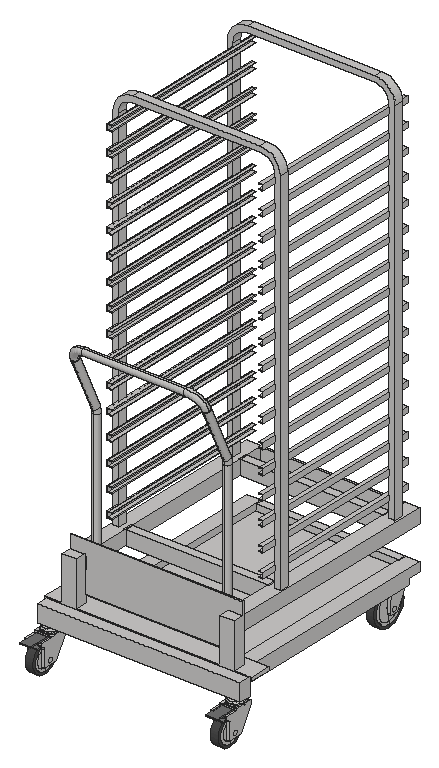
Revit family "QF_ELECTROLUXPROFESSIONAL_922758_TRRA162180C", category Specialty Equipment, Revit 2018
Family settings
  Round Connector Dimension = Use Diameter
  Part Type = Normal
  Work Plane-Based = No
  Always vertical = Yes
  Cut with Voids When Loaded = No
  Shared = No
  Room Calculation Point = No
Parameters (values of type "Standard")
  Weight = 60.00 kg
  Watts = 0 W
  Volts = 0 V
  URL Manufacturer = "http://professional.electrolux.com"
  URL = "http://professional.electrolux.com"
  Steam Supply Size = 0 mm
  Steam Supply Minimum Pressure = 0.0 Pa
  Steam Supply Maximum Pressure = 0.0 Pa
  Steam Pounds per Hour = 0
  Refrigeration Suction Line Size = 0 mm
  Refrigeration Liquid Line Size = 0 mm
  Refrigerant Compressor Remote = yes
  Manufacturer = "Electrolux Professional"
  Phase = 0
  Model = "TRRA162180C"
  Length Actual = 716.0 mm  # constant formula
  Item Number = "922758"
  Hot Water Size = 0 mm
  Height Actual = 1700.0 mm  # constant formula
  HP = "0 HP"
  Gas Size = 0 mm
  Gas KW = 0
  Gas Input Pressure = 0 W
  Description = "TROLLEY TRAY RACK 16 GN 2/1 - 80MM PITCH"
  Depth Actual = 926.0 mm  # constant formula
  Cycle = 0 Hz
  Condensate Return Size = 0 mm
  Compressed Air Volume = 0.0 L/s
  Compressed Air Size = 0 mm
  Compressed Air Pressure = 0.0 Pa
  Cold Water Size = 0 mm
  Accessory = yes
Reference planes
  plane 1 "Center (Front/Back)": y = 0
  plane 2: z = 0
  plane 3 "Center (Left/Right)": x = 0
  plane 4 "BASE": z = 125
  plane 5 "TOP": z = 1700
  plane 6 "FRONT": y = -505.5
  plane 7 "BACK": y = 423.5
  plane 8 "PLANE": z = 160
  plane 9 "Manopola": through (4267.2, -378.699, 929.588) normal (0, 0.9063, 0.4226)
  plane 10 "Accessorioes": z = 647
  plane 11: y = 414.5
  plane 12 "M1": y = 342.719
  plane 13 "M2": y = -151.123
  plane 14: z = 1052
  plane 15 "man1": x = -226.75
  plane 16 "man2": x = 226.25
  plane 17: y = -439.495
  plane 18: y = 341.505
  plane 19: x = -358
  plane 20: x = 358
Forms (mm)
  Sweep 1, solid, material "QF_Finishes_Stainless Steel"
    path origin (0, -51.81, 230.029) x (0, -0.422618, 0.906308) y (1, 0, 0)
      loop
        line (840.501, 226.25) -> (843.657, 226.25)
        arc (843.657, 226.25) -> (879.012, 211.605) -> (893.657, 176.25) r 50
        line (893.657, 176.25) -> (893.657, -176.75)
        arc (893.657, -176.75) -> (879.012, -212.105) -> (843.657, -226.75) r 50
        line (843.657, -226.75) -> (840.501, -226.75)
    profile origin (-0.25, -429.485, 1039.957) x (0, -0.422618, 0.906308) y (0, 0.906308, 0.422618)
      loop
        circle (0, -0.616) r 12
  Extrusion 2, solid, material "QF_Finishes_Stainless Steel"
    sketch origin (0, 0, 0) x (0, 1, 0) y (0, 0, 1)
      loop
        line (-375.959, 193.5) -> (-415.959, 193.5) -> (-415.959, 133.5) -> (-375.959, 133.5) -> (-375.959, 193.5)
    from -350 to 350
  Extrusion 3, solid, material "QF_Finishes_Stainless Steel"
    sketch origin (0, 0, 160) x (0, 1, 0) y (-1, 0, 0)
      loop
        line (-375.959, -297.5) -> (-335.959, -297.5) -> (-335.959, -247.5) -> (-375.959, -247.5) -> (-375.959, -297.5)
      loop
        line (-375.959, 297.5) -> (-375.959, 247.5) -> (-335.959, 247.5) -> (-335.959, 297.5) -> (-375.959, 297.5)
    from 21 to 188.703
  Extrusion 4, solid, material "QF_Finishes_Stainless Steel"
    sketch origin (0, 0, 160) x (0, 1, 0) y (-1, 0, 0)
      loop
        line (423.5, -246.5) -> (-334.855, -246.5) -> (-334.855, -297.522) -> (423.5, -297.522) -> (423.5, -246.5)
      loop
        line (423.5, 246.5) -> (423.5, 297.522) -> (-335.959, 297.522) -> (-335.959, 246.5) -> (423.5, 246.5)
    from 139.5 to 189.5
  Extrusion 5, solid, material "QF_Finishes_Stainless Steel"
    sketch origin (0, 0, 0) x (0, 1, 0) y (0, 0, 1)
      loop
        line (423.241, 150.5) -> (423.241, 181) -> (-375.959, 181) -> (-375.959, 129.5) -> (371.859, 129.5)
        spline (371.859, 129.5) -> (372.504, 129.543) -> (373.138, 129.671) -> (373.751, 129.881) -> (374.331, 130.171) -> (374.869, 130.535) -> (375.355, 130.967) -> (375.781, 131.459) -> (376.14, 132.004) -> (376.425, 132.591) -> (376.633, 133.211) -> (376.758, 133.853) -> (376.8, 134.506)
        line (376.8, 134.506) -> (376.8, 145.488)
        spline (376.8, 145.488) -> (376.84, 146.141) -> (376.965, 146.784) -> (377.172, 147.405) -> (377.458, 147.993) -> (377.816, 148.538) -> (378.243, 149.031) -> (378.729, 149.464) -> (379.267, 149.828) -> (379.847, 150.118) -> (380.46, 150.329) -> (381.095, 150.457) -> (381.741, 150.5)
        line (381.741, 150.5) -> (423.241, 150.5)
    from 297.522 to 247.5
  Extrusion 6, solid, material "QF_Finishes_Stainless Steel"
    sketch origin (0, 0, 0) x (0, 1, 0) y (0, 0, -1)
      loop
        line (423.241, -150.5) -> (381.741, -150.5)
        spline (381.741, -150.5) -> (381.095, -150.457) -> (380.46, -150.329) -> (379.847, -150.118) -> (379.267, -149.828) -> (378.729, -149.464) -> (378.243, -149.031) -> (377.816, -148.538) -> (377.458, -147.993) -> (377.172, -147.405) -> (376.965, -146.784) -> (376.84, -146.141) -> (376.8, -145.488)
        line (376.8, -145.488) -> (376.8, -134.506)
        spline (376.8, -134.506) -> (376.758, -133.853) -> (376.633, -133.211) -> (376.425, -132.591) -> (376.14, -132.004) -> (375.781, -131.459) -> (375.355, -130.967) -> (374.869, -130.535) -> (374.331, -130.171) -> (373.751, -129.881) -> (373.138, -129.671) -> (372.504, -129.543) -> (371.859, -129.5)
        line (371.859, -129.5) -> (-375.959, -129.5) -> (-375.959, -181) -> (423.241, -181) -> (423.241, -150.5)
    from 297.522 to 247.5
  Extrusion 7, solid, material "QF_Finishes_Stainless Steel"
    sketch origin (0, 0, 0) x (0, 1, 0) y (0, 0, 1)
      loop
        line (414.5, 299.5) -> (423.5, 299.5) -> (423.5, 349.5) -> (414.5, 349.5) -> (414.5, 299.5)
    from -246.5 to 246.5
  Extrusion 8, solid, material "QF_Finishes_Stainless Steel"
    sketch origin (0, 0, 0) x (0, 1, 0) y (0, 0, 1)
      loop
        line (-166.123, 299.5) -> (-136.123, 299.5) -> (-136.123, 349.5) -> (-166.123, 349.5) -> (-166.123, 299.5)
      loop
        line (357.719, 349.5) -> (327.719, 349.5) -> (327.719, 299.5) -> (357.719, 299.5) -> (357.719, 349.5)
    from -250.75 to 246.5
  Sweep 9, solid, material "QF_Finishes_Stainless Steel"
    path origin (-226.75, 0, 0) x (0, 1, 0) y (0, 0, 1)
      loop
        line (-407.579, 991.521) -> (-320.757, 805.332)
        arc (-320.757, 805.332) -> (-317.538, 795.848) -> (-316.447, 785.891) r 46
        line (-316.447, 785.891) -> (-316.447, 345.5)
    profile origin (-226.75, -364.168, 898.426) x (0, 0.906308, 0.422618) y (1, 0, 0)
      loop
        circle (0, 0) r 12
  Sweep 10, solid, material "QF_Finishes_Stainless Steel"
    path origin (226.25, 0, 0) x (0, 1, 0) y (0, 0, 1)
      loop
        line (-407.579, 991.521) -> (-320.757, 805.332)
        arc (-320.757, 805.332) -> (-317.538, 795.848) -> (-316.447, 785.891) r 46
        line (-316.447, 785.891) -> (-316.447, 299.5)
    profile origin (226.25, -364.168, 898.426) x (0, 0.906308, 0.422618) y (1, 0, 0)
      loop
        circle (0, 0) r 12
  Extrusion 11, solid, material "QF_Finishes_Stainless Steel"
    sketch origin (0, -3.54, 125) x (-1, 0, 0) y (0, -1, 0)
      loop
        line (297.729, 331.46) -> (297.729, 335.959) -> (-297.5, 335.959) -> (-297.5, 331.46) -> (297.729, 331.46)
    from 102.147 to 267.893
  Extrusion 12, solid, material "QF_Finishes_Stainless Steel"
    sketch origin (0, 0, 0) x (0, 1, 0) y (0, 0, 1)
      loop
        line (-331.381, 299.5) -> (-298.959, 299.5) -> (-298.959, 349.5) -> (-331.381, 349.5) -> (-331.381, 299.5)
    from -246.5 to 246.5
  Extrusion 13, solid, material "QF_Finishes_Stainless Steel"
    sketch origin (0, 0, 125) x (-1, 0, 0) y (0, -1, 0)
      loop
        line (247.5, -423.5) -> (247.5, 375.959) -> (-247.5, 375.959) -> (-247.5, -423.5) -> (247.5, -423.5)
    from 35 to 25.5
  Sweep 14, solid, material "QF_Finishes_Stainless Steel"
    path origin (0, 342.719, 0) x (0, 0, 1) y (-1, 0, 0)
      loop
        line (347.889, 279.647) -> (1630, 279.647)
        arc (1630, 279.647) -> (1672.426, 262.073) -> (1690, 219.647) r 60
        line (1690, 219.647) -> (1690, -219.168)
        arc (1690, -219.168) -> (1672.426, -261.594) -> (1630, -279.168) r 60
        line (1630, -279.168) -> (347.889, -279.168)
    profile origin (-0.24, 342.719, 1690) x (0, 0, 1) y (0, -1, 0)
      loop
        line (10, -14.995) -> (10, 14.995) -> (-10, 14.995) -> (-10, -14.995) -> (10, -14.995)
  Sweep 15, solid, material "QF_Finishes_Stainless Steel"
    path origin (0, -151.123, 0) x (0, 0, 1) y (-1, 0, 0)
      loop
        line (347.889, 279.647) -> (1630, 279.647)
        arc (1630, 279.647) -> (1672.426, 262.073) -> (1690, 219.647) r 60
        line (1690, 219.647) -> (1690, -219.168)
        arc (1690, -219.168) -> (1672.426, -261.594) -> (1630, -279.168) r 60
        line (1630, -279.168) -> (347.889, -279.168)
    profile origin (-0.24, -151.123, 1690) x (0, 0, 1) y (0, -1, 0)
      loop
        line (10, -14.995) -> (10, 14.995) -> (-10, 14.995) -> (-10, -14.995) -> (10, -14.995)
  Revolve 16, solid, material "QF_Finishes_Stainless Steel"
    sketch origin (0, 23.407, 0) x (0, 1, 0) y (0, 0, 1)
      loop
        line (94.159, 150.5) -> (72.905, 150.5) -> (72.905, 87.019) -> (85.159, 87.019) -> (85.159, 111.019) -> (94.159, 127.019) -> (94.159, 150.5)
      axis (72.905, 150.5) -> (72.905, 87.019)
    angle from 0 to 360
  Extrusion 17, solid, material "QF_Finishes_Stainless Steel"
    sketch origin (0, 93.949, 0) x (0, 1, 0) y (0, 0, 1)
      loop
        line (329.551, 160) -> (329.551, 181) -> (302.267, 181) -> (302.267, 160) -> (329.551, 160)
    from -246.5 to 246.5
  Extrusion 18, solid, material "QF_Finishes_Stainless Steel"
    sketch origin (0, 0, 0) x (0, 1, 0) y (0, 0, 1)
      loop
        line (-303.216, 195.424) -> (-375.959, 195.424) -> (-375.959, 185.203) -> (-303.216, 185.203) -> (-303.216, 195.424)
    from -358 to 358
  Extrusion 19, void
    sketch origin (0, 0, 125) x (-1, 0, 0) y (0, -1, 0)
      loop
        circle (0, -96.312) r 21.254
    from 25.5 to 87.797
Cuts and joins
  joined: Sweep 1, Sweep 9, Sweep 10
  Extrusion 19 cuts Revolve 16
  Extrusion 19 cuts Extrusion 13
  joined: Extrusion 3, Extrusion 5, Extrusion 6, Extrusion 11, Extrusion 13, Extrusion 17, Extrusion 18
Lines and regions (mm)
  symbolic lines
    curve 1: line (301, -471.06, 125) -> (291.478, -471.06, 125)
    curve 2: line (291.478, -471.06, 125) -> (291.478, -415.959, 125)
    curve 3: line (301, -417.738, 125) -> (301, -505.5, 125)
    curve 4: line (301, -505.5, 125) -> (339, -505.5, 125)
    curve 5: line (339, -505.5, 125) -> (339, -417.738, 125)
    curve 6: line (291.478, -430.06, 125) -> (348.522, -430.06, 125)
    curve 7: line (301, -435.203, 125) -> (339, -435.203, 125)
    curve 8: line (348.522, -433, 125) -> (351.97, -433, 125)
    curve 9: line (351.97, -433, 125) -> (351.97, -445.99, 125)
    curve 10: line (351.97, -445.99, 125) -> (348.522, -445.99, 125)
    curve 11: line (351.97, -439.495, 125) -> (348.522, -439.495, 125)
    curve 12: line (291.478, -433, 125) -> (288.03, -433, 125)
    curve 13: line (288.03, -433, 125) -> (288.03, -445.99, 125)
    curve 14: line (288.03, -445.99, 125) -> (291.478, -445.99, 125)
    curve 15: line (288.03, -439.495, 125) -> (291.478, -439.495, 125)
    curve 16: line (348.522, -375.959, 125) -> (348.522, -367.995, 125)
    curve 17: line (348.522, -367.995, 125) -> (297.522, -367.995, 125)
    curve 18: line (301, -367.995, 125) -> (301, -375.253, 125)
    curve 19: line (339, -367.995, 125) -> (339, -375.253, 125)
    curve 20: arc (339.762, -375.959, 125) -> (320, -367.995, 125) -> (300.238, -375.959, 125) r 28.5
    curve 21: arc (299.182, -415.959, 125) -> (320, -424.995, 125) -> (340.818, -415.959, 125) r 28.5
    curve 22: line (339, -471.215, 125) -> (348.522, -471.215, 125)
    curve 23: line (348.522, -471.215, 125) -> (348.522, -415.959, 125)
    curve 24: line (-301, -471.06, 125) -> (-291.478, -471.06, 125)
    curve 25: line (-291.478, -471.06, 125) -> (-291.478, -415.959, 125)
    curve 26: line (-301, -417.738, 125) -> (-301, -505.5, 125)
    curve 27: line (-301, -505.5, 125) -> (-339.229, -505.5, 125)
    curve 28: line (-339.229, -505.5, 125) -> (-339.229, -417.531, 125)
    curve 29: line (-291.478, -430.06, 125) -> (-348.751, -430.06, 125)
    curve 30: line (-301, -435.203, 125) -> (-339.229, -435.203, 125)
    curve 31: line (-348.751, -433, 125) -> (-352.199, -433, 125)
    curve 32: line (-352.199, -433, 125) -> (-352.199, -445.99, 125)
    curve 33: line (-352.199, -445.99, 125) -> (-348.751, -445.99, 125)
    curve 34: line (-352.199, -439.495, 125) -> (-348.751, -439.495, 125)
    curve 35: line (-291.478, -433, 125) -> (-288.03, -433, 125)
    curve 36: line (-288.03, -433, 125) -> (-288.03, -445.99, 125)
    curve 37: line (-288.03, -445.99, 125) -> (-291.478, -445.99, 125)
    curve 38: line (-288.03, -439.495, 125) -> (-291.478, -439.495, 125)
    curve 39: line (-348.751, -375.959, 125) -> (-348.751, -367.995, 125)
    curve 40: line (-348.751, -367.995, 125) -> (-297.5, -367.995, 125)
    curve 41: line (-301, -367.995, 125) -> (-301, -375.253, 125)
    curve 42: line (-339, -367.995, 125) -> (-339, -375.253, 125)
    curve 43: arc (-339.762, -375.959, 125) -> (-320, -367.995, 125) -> (-300.238, -375.959, 125) r 28.5
    curve 44: arc (-299.182, -415.959, 125) -> (-320, -424.995, 125) -> (-340.818, -415.959, 125) r 28.5
    curve 45: line (-339.229, -471.215, 125) -> (-348.751, -471.215, 125)
    curve 46: line (-348.751, -471.215, 125) -> (-348.751, -415.959, 125)
    curve 47: line (-350.229, -375.959, 125) -> (-238.74, -375.959, 125)
    curve 48: line (-350.229, -375.959, 125) -> (-350.229, -415.959, 125)
    curve 49: line (-350.229, -415.959, 125) -> (-237.551, -415.959, 125)
    curve 50: line (350, -375.959, 125) -> (238.74, -375.959, 125)
    curve 51: line (350, -375.959, 125) -> (350, -415.959, 125)
    curve 52: line (350, -415.959, 125) -> (237.551, -415.959, 125)
    curve 53: arc (-214.75, -316.986, 125) -> (-226.664, -304.93, 125) -> (-238.749, -316.815, 125) r 12
    curve 54: arc (214.251, -316.986, 125) -> (226.165, -304.93, 125) -> (238.25, -316.815, 125) r 12
    curve 55: line (-297.729, -339.499, 125) -> (-238.74, -339.499, 125)
    curve 56: line (246.5, -339.499, 125) -> (246.5, -166.118, 125)
    curve 57: line (-348.751, -375.959, 125) -> (-348.751, -367.995, 125)
    curve 58: line (-214.854, -375.959, 125) -> (214.528, -375.959, 125)
    curve 59: line (-214.854, -331.381, 125) -> (214.528, -331.381, 125)
    curve 60: line (-238.74, -331.381, 125) -> (-246.5, -331.381, 125)
    curve 61: line (238.217, -331.381, 125) -> (246.5, -331.381, 125)
    curve 62: line (-246.5, -335, 125) -> (-246.5, -166.118, 125)
    curve 63: line (289.168, -136.127, 125) -> (-289.647, -136.127, 125)
    curve 64: line (-289.647, -166.118, 125) -> (289.168, -166.118, 125)
    curve 65: line (289.168, 357.715, 125) -> (-289.647, 357.715, 125)
    curve 66: line (-289.647, 327.724, 125) -> (289.168, 327.724, 125)
    curve 67: line (-246.5, 414.5, 125) -> (246.5, 414.5, 125)
    curve 68: line (297, 423.5, 125) -> (-297, 423.5, 125)
    curve 69: line (-289.647, -166.118, 125) -> (-289.647, -136.127, 125)
    curve 70: line (-246.5, -136.127, 125) -> (-246.5, 327.724, 125)
    curve 71: line (-246.5, 357.715, 125) -> (-246.5, 423.5, 125)
    curve 72: line (246.5, -136.127, 125) -> (246.5, 327.724, 125)
    curve 73: line (246.5, 357.715, 125) -> (246.5, 423.5, 125)
    curve 74: line (246.5, -298.959, 125) -> (-246.5, -298.959, 125)
    curve 75: line (-297.522, 423.5, 125) -> (-297.522, -335.002, 125)
    curve 76: line (297.522, -375.959, 125) -> (297.522, 423.5, 125)
    curve 77: line (-297.729, -335, 125) -> (-297.729, -339.499, 125)
    curve 78: line (297.522, -335, 125) -> (238.217, -335, 125)
    curve 79: line (-297.5, -339.499, 125) -> (-297.5, -375.959, 125)
    curve 80: line (-247.5, -339.499, 125) -> (-247.5, -375.959, 125)
    curve 81: line (247.5, -339.499, 125) -> (247.5, -375.959, 125)
    curve 82: line (238.217, -339.499, 125) -> (297.522, -339.499, 125)
    curve 83: line (-238.722, -335, 125) -> (-297.729, -335, 125)
    curve 84: line (214.247, -335, 125) -> (-214.805, -335, 125)
    curve 85: line (-214.805, -339.499, 125) -> (214.247, -339.499, 125)
    curve 86: line (-269.647, -216.301, 125) -> (-269.647, -166.118, 125)
    curve 87: line (-255.258, -216.301, 125) -> (-255.258, -166.118, 125)
    curve 88: line (-253.658, -216.301, 125) -> (-253.658, -166.118, 125)
    curve 89: line (-253.658, 407.699, 125) -> (-269.647, 407.699, 125)
    curve 90: line (-269.647, -216.301, 125) -> (-253.658, -216.301, 125)
    curve 91: line (-269.647, 357.715, 125) -> (-269.647, 407.699, 125)
    curve 92: line (-253.658, 357.715, 125) -> (-253.658, 407.699, 125)
    curve 93: line (-255.258, 357.715, 125) -> (-255.258, 407.699, 125)
    curve 94: line (-269.647, -136.127, 125) -> (-269.647, 327.724, 125)
    curve 95: line (-255.258, -136.127, 125) -> (-255.258, 327.724, 125)
    curve 96: line (-253.658, -136.127, 125) -> (-253.658, 327.724, 125)
    curve 97: line (269.647, -216.301, 125) -> (269.647, -166.118, 125)
    curve 98: line (255.258, -216.301, 125) -> (255.258, -166.118, 125)
    curve 99: line (253.658, -216.301, 125) -> (253.658, -166.118, 125)
    curve 100: line (253.658, 407.699, 125) -> (269.647, 407.699, 125)
    curve 101: line (269.647, -216.301, 125) -> (253.658, -216.301, 125)
    curve 102: line (269.647, 357.715, 125) -> (269.647, 407.699, 125)
    curve 103: line (253.658, 357.715, 125) -> (253.658, 407.699, 125)
    curve 104: line (255.258, 357.715, 125) -> (255.258, 407.699, 125)
    curve 105: line (269.647, -136.127, 125) -> (269.647, 327.724, 125)
    curve 106: line (255.258, -136.127, 125) -> (255.258, 327.724, 125)
    curve 107: line (253.658, -136.127, 125) -> (253.658, 327.724, 125)
    curve 108: line (-289.647, 327.724, 125) -> (-289.647, 357.715, 125)
    curve 109: line (289.168, -166.118, 125) -> (289.168, -136.127, 125)
    curve 110: line (289.168, 327.724, 125) -> (289.168, 357.715, 125)
Dimensions and locks
  plane 4 "BASE" to level = 125.0 mm
  plane 5 "TOP" to level = 1700.0 mm  (x2)
  plane 7 "BACK" to plane 6 "FRONT" = 929.0 mm
  level to plane 5 "TOP" = 1700.0 mm
  plane 14 to level = 1052.0 mm
  plane 18 to plane 17 = 781.0 mm
  plane 19 to plane 20 = 716.0 mm
  equal spacing: plane 19, plane 3 "Center (Left/Right)", plane 20
  nested 2 to nested 4 = 488.0 mm
  nested 1 to nested 3 = 640.0 mm
  aligned and locked: level to plane 2
Automatic sketch dimensions
  curve 20 to curve 21 = 0.0 mm  (x2)
  curve 43 to curve 44 = 0.0 mm  (x2)
  curve 4 to plane 6 "FRONT" = 0.0 mm
  curve 76 to plane 7 "BACK" = 0.0 mm
  curve 68 to plane 7 "BACK" = 0.0 mm
  plane 11 to curve 67 = 0.0 mm
  curve 53 to plane 15 "man1" = 0.0 mm
  curve 75 to plane 7 "BACK" = 0.0 mm
  curve 26 to plane 6 "FRONT" = 0.0 mm
  plane 16 "man2" to curve 54 = 0.0 mm
  plane 16 "man2" to curve 99 = 27.408 mm
  plane 11 to curve 103 = 6.801 mm
  plane 16 "man2" to curve 103 = 27.408 mm
  curve 97 to curve 99 = 15.988 mm
  curve 100 to curve 100 = 15.988 mm
  plane 17 to curve 14 = 6.495 mm
  plane 16 "man2" to curve 14 = 61.78 mm
  plane 18 to curve 110 = 13.781 mm
  curve 110 to curve 102 = 19.521 mm
  curve 109 to curve 97 = 19.521 mm
  curve 2 to curve 13 = 3.448 mm
  curve 3 to curve 1 = 9.522 mm
  curve 20 to curve 3 = 19.0 mm
  curve 5 to plane 20 = 19.0 mm
  curve 23 to plane 20 = 9.478 mm
  curve 17 to plane 20 = 9.478 mm
  curve 50 to curve 16 = 1.478 mm
  curve 10 to curve 10 = 3.448 mm
  curve 90 to plane 15 "man1" = 26.908 mm
  plane 11 to curve 92 = 6.801 mm
  curve 92 to plane 15 "man1" = 26.908 mm
  curve 88 to curve 90 = 15.988 mm
  curve 89 to curve 89 = 15.988 mm
  plane 17 to curve 36 = 6.495 mm
  curve 36 to plane 15 "man1" = 61.28 mm
  curve 86 to curve 64 = 20.0 mm
  curve 91 to curve 65 = 20.0 mm
  curve 36 to curve 25 = 3.448 mm
  curve 77 to plane 19 = 60.271 mm
  curve 24 to curve 26 = 9.522 mm
  curve 26 to curve 44 = 19.0 mm
  curve 28 to plane 19 = 18.771 mm
  curve 46 to plane 19 = 9.249 mm
  curve 39 to plane 19 = 9.249 mm
  curve 46 to curve 49 = 1.478 mm
  curve 31 to curve 31 = 3.448 mm
  curve 108 to plane 12 "M1" = 14.995 mm
  curve 63 to plane 13 "M2" = 14.995 mm
  plane 13 "M2" to curve 64 = 14.995 mm
  curve 99 to curve 99 = 50.184 mm
  curve 86 to curve 90 = 50.184 mm
  curve 99 to curve 54 = 100.628 mm
  curve 88 to curve 53 = 100.628 mm
  curve 53 to curve 77 = 18.07 mm
  curve 77 to curve 55 = 4.499 mm
  curve 55 to curve 39 = 28.496 mm
  curve 16 to plane 17 = 71.5 mm
  curve 16 to curve 51 = 7.964 mm
  curve 39 to curve 47 = 7.964 mm
  curve 43 to curve 44 = 20.536 mm
  curve 20 to curve 21 = 20.536 mm
  curve 52 to plane 17 = 23.536 mm
  curve 49 to plane 17 = 23.536 mm
  curve 9 to plane 17 = 6.495 mm
  curve 12 to plane 17 = 6.495 mm
  curve 36 to plane 17 = 6.495 mm
  curve 31 to plane 17 = 6.495 mm
  plane 17 to curve 9 = 6.495 mm
  plane 17 to curve 33 = 6.495 mm
  curve 37 to curve 24 = 25.07 mm
  curve 14 to curve 1 = 25.07 mm
  curve 10 to curve 22 = 25.224 mm
  curve 33 to curve 45 = 25.224 mm
  plane 15 "man1" to curve 58 = 11.896 mm
  plane 15 "man1" to curve 59 = 11.896 mm
  curve 84 to curve 59 = 0.049 mm
  curve 85 to curve 84 = 0.0 mm
  plane 15 "man1" to curve 53 = 12.0 mm
  curve 85 to plane 16 "man2" = 12.003 mm
  curve 84 to curve 85 = 0.0 mm
  curve 54 to plane 16 "man2" = 11.999 mm
  curve 58 to plane 16 "man2" = 11.722 mm
  curve 59 to curve 84 = 0.281 mm
  plane 16 "man2" to curve 52 = 11.301 mm
  plane 16 "man2" to curve 78 = 11.967 mm
  curve 82 to curve 78 = 0.0 mm
  curve 61 to curve 78 = 0.0 mm
  plane 16 "man2" to curve 54 = 12.0 mm
  plane 16 "man2" to curve 50 = 12.49 mm
  curve 56 to curve 82 = 8.283 mm
  curve 100 to curve 67 = 7.158 mm
  plane 16 "man2" to curve 72 = 20.25 mm
  curve 81 to curve 50 = 8.76 mm
  curve 107 to curve 72 = 7.158 mm
  curve 104 to curve 103 = 1.599 mm
  curve 98 to curve 99 = 1.599 mm
  curve 106 to curve 107 = 1.599 mm
  curve 105 to curve 106 = 14.389 mm
  curve 68 to curve 100 = 27.353 mm
  curve 82 to curve 81 = 50.022 mm
  curve 3 to curve 21 = 1.818 mm
  curve 20 to curve 76 = 2.716 mm
  curve 18 to curve 20 = 0.762 mm
  curve 20 to curve 19 = 0.762 mm
  curve 49 to plane 15 "man1" = 10.801 mm
  curve 83 to plane 15 "man1" = 11.972 mm
  curve 47 to plane 15 "man1" = 11.99 mm
  curve 83 to curve 60 = 0.018 mm
  curve 83 to curve 55 = 0.018 mm
  curve 53 to plane 15 "man1" = 11.999 mm
  curve 67 to curve 89 = 7.158 mm
  curve 60 to curve 60 = 7.76 mm
  curve 70 to plane 15 "man1" = 19.75 mm
  curve 62 to curve 80 = 1.0 mm
  curve 70 to curve 96 = 7.158 mm
  curve 89 to curve 93 = 1.599 mm
  curve 96 to curve 95 = 1.599 mm
  curve 88 to curve 87 = 1.599 mm
  curve 95 to curve 94 = 14.389 mm
  curve 89 to curve 68 = 27.353 mm
  curve 79 to curve 43 = 22.5 mm
  curve 75 to curve 77 = 0.207 mm
  curve 44 to curve 26 = 1.818 mm
  curve 79 to curve 43 = 2.738 mm
  curve 40 to curve 41 = 3.5 mm
  curve 42 to curve 43 = 0.762 mm
  curve 74 to curve 54 = 17.971 mm
  curve 54 to curve 54 = 0.115 mm
  curve 53 to curve 53 = 0.115 mm
  curve 60 to curve 62 = 3.619 mm
  curve 54 to curve 59 = 14.395 mm
  curve 54 to curve 61 = 14.566 mm
  curve 78 to curve 17 = 32.995 mm
  curve 59 to curve 84 = 3.619 mm
  curve 77 to curve 75 = 0.002 mm
  curve 78 to curve 82 = 4.499 mm
  curve 84 to curve 85 = 4.499 mm
  curve 55 to curve 79 = 0.0 mm
  curve 47 to curve 58 = 0.0 mm
  curve 29 to curve 35 = 2.94 mm
  curve 6 to curve 8 = 2.94 mm
  curve 30 to plane 17 = 4.292 mm
  curve 7 to plane 17 = 4.292 mm
  curve 34 to plane 17 = 0.0 mm
  curve 11 to plane 17 = 0.0 mm
  curve 15 to plane 17 = 0.0 mm
  curve 38 to plane 17 = 0.0 mm
  Sweep 1 sketch curve to plane 16 "man2" = 0.0 mm
  Sweep 1 sketch curve to plane 15 "man1" = 0.0 mm
  Sweep 1 sketch curve to Sweep 1 sketch curve = 0.0 mm
  Sweep 1 sketch curve to Sweep 1 sketch curve = 50.0 mm
  Sweep 1 sketch curve to Sweep 1 sketch curve = 3.156 mm  (x2)
  Sweep 1 sketch curve to plane 9 "Manopola" = 0.0 mm
  profile plane to Sweep 1 sketch curve = 0.0 mm
  Extrusion 2 sketch curve to plane 17 = 23.536 mm
  plane 4 "BASE" to Extrusion 2 sketch curve = 8.5 mm
  Extrusion 2 sketch curve to Extrusion 2 sketch curve = 40.0 mm
  plane 8 "PLANE" to Extrusion 2 sketch curve = 33.5 mm
  Extrusion 3 sketch curve to plane 17 = 63.536 mm  (x2)
  Extrusion 3 sketch curve to plane 15 "man1" = 20.75 mm
  Extrusion 3 sketch curve to Extrusion 3 sketch curve = 40.0 mm  (x2)
  plane 16 "man2" to Extrusion 3 sketch curve = 21.25 mm
  Extrusion 3 sketch curve to Extrusion 3 sketch curve = 50.0 mm  (x2)
  Extrusion 4 sketch curve to plane 7 "BACK" = 0.0 mm  (x2)
  Extrusion 4 sketch curve to plane 17 = 104.64 mm
  Extrusion 4 sketch curve to plane 17 = 103.536 mm
  Extrusion 4 sketch curve to plane 20 = 60.478 mm
  plane 16 "man2" to Extrusion 4 sketch curve = 20.25 mm
  Extrusion 4 sketch curve to plane 15 "man1" = 19.75 mm
  Extrusion 4 sketch curve to Extrusion 4 sketch curve = 51.022 mm
  plane 8 "PLANE" to Extrusion 5 sketch curve = 21.0 mm
  Extrusion 5 sketch curve to plane 17 = 63.536 mm
  plane 4 "BASE" to Extrusion 5 sketch curve = 4.5 mm
  Extrusion 5 sketch curve to plane 12 "M1" = 29.139 mm
  Extrusion 5 sketch curve to Extrusion 5 sketch curve = 4.941 mm  (x2)
  Extrusion 5 sketch curve to plane 7 "BACK" = 0.259 mm
  Extrusion 5 sketch curve to Extrusion 5 sketch curve = 5.006 mm
  Extrusion 5 sketch curve to Extrusion 5 sketch curve = 10.981 mm
  Extrusion 5 sketch curve to plane 8 "PLANE" = 9.5 mm
  Extrusion 5 sketch curve to Extrusion 5 sketch curve = 0.0 mm
  Extrusion 5 sketch curve to Extrusion 5 sketch curve = 0.006 mm
  Extrusion 5 sketch curve to Extrusion 5 sketch curve = 4.988 mm
  Extrusion 5 sketch curve to Extrusion 5 sketch curve = 0.012 mm
  plane 8 "PLANE" to Extrusion 6 sketch curve = 21.0 mm
  Extrusion 6 sketch curve to plane 17 = 63.536 mm
  plane 4 "BASE" to Extrusion 6 sketch curve = 4.5 mm
  Extrusion 6 sketch curve to plane 12 "M1" = 29.139 mm
  Extrusion 6 sketch curve to Extrusion 6 sketch curve = 4.941 mm  (x2)
  Extrusion 6 sketch curve to plane 7 "BACK" = 0.259 mm
  Extrusion 6 sketch curve to plane 8 "PLANE" = 9.5 mm
  Extrusion 6 sketch curve to Extrusion 6 sketch curve = 5.012 mm
  Extrusion 6 sketch curve to Extrusion 6 sketch curve = 5.006 mm
  Extrusion 6 sketch curve to Extrusion 6 sketch curve = 0.0 mm  (x2)
  Extrusion 6 sketch curve to Extrusion 6 sketch curve = 0.012 mm
  Extrusion 6 sketch curve to Extrusion 6 sketch curve = 0.006 mm
  Extrusion 7 sketch curve to plane 11 = 0.0 mm
  Extrusion 7 sketch curve to plane 7 "BACK" = 0.0 mm
  plane 8 "PLANE" to Extrusion 7 sketch curve = 139.5 mm
  Extrusion 7 sketch curve to Extrusion 7 sketch curve = 50.0 mm
  plane 13 "M2" to Extrusion 8 sketch curve = 15.0 mm
  Extrusion 8 sketch curve to plane 13 "M2" = 15.0 mm
  plane 18 to Extrusion 8 sketch curve = 13.786 mm
  Extrusion 8 sketch curve to plane 12 "M1" = 15.0 mm
  plane 8 "PLANE" to Extrusion 8 sketch curve = 139.5 mm  (x2)
  Extrusion 8 sketch curve to Extrusion 8 sketch curve = 50.0 mm  (x2)
  Sweep 9 sketch curve to plane 9 "Manopola" = 0.0 mm  (x2)
  Sweep 9 sketch curve to plane 17 = 77.048 mm
  Sweep 9 sketch curve to Sweep 9 sketch curve = 41.69 mm
  Sweep 9 sketch curve to Sweep 9 sketch curve = 4.31 mm
  Sweep 9 sketch curve to plane 17 = 31.916 mm
  plane 8 "PLANE" to Sweep 9 sketch curve = 185.5 mm
  Sweep 9 sketch curve to profile plane = 0.0 mm  (x2)
  Sweep 10 sketch curve to plane 9 "Manopola" = 0.0 mm  (x2)
  Sweep 10 sketch curve to plane 17 = 77.048 mm
  Sweep 10 sketch curve to Sweep 10 sketch curve = 41.69 mm
  Sweep 10 sketch curve to Sweep 10 sketch curve = 4.31 mm
  Sweep 10 sketch curve to plane 17 = 31.916 mm
  plane 8 "PLANE" to Sweep 10 sketch curve = 139.5 mm
  Sweep 10 sketch curve to plane 16 "man2" = 0.0 mm
  Sweep 10 sketch curve to profile plane = 0.0 mm
  Extrusion 11 sketch curve to plane 20 = 60.5 mm
  Extrusion 11 sketch curve to plane 19 = 60.271 mm
  Extrusion 11 sketch curve to plane 17 = 104.495 mm
  Extrusion 11 sketch curve to Extrusion 11 sketch curve = 4.499 mm
  Extrusion 12 sketch curve to plane 17 = 108.114 mm
  Extrusion 12 sketch curve to Extrusion 12 sketch curve = 32.422 mm
  plane 8 "PLANE" to Extrusion 12 sketch curve = 139.5 mm
  Extrusion 12 sketch curve to Extrusion 12 sketch curve = 50.0 mm
  Extrusion 13 sketch curve to plane 7 "BACK" = 0.0 mm
  plane 16 "man2" to Extrusion 13 sketch curve = 21.25 mm
  Extrusion 13 sketch curve to plane 15 "man1" = 20.75 mm
  Extrusion 13 sketch curve to plane 17 = 63.536 mm
  Sweep 14 sketch curve to plane 5 "TOP" = 70.0 mm  (x2)
  Sweep 14 sketch curve to plane 5 "TOP" = 10.0 mm
  plane 16 "man2" to Sweep 14 sketch curve = 52.918 mm
  plane 15 "man1" to Sweep 14 sketch curve = 7.103 mm
  plane 8 "PLANE" to Sweep 14 sketch curve = 187.889 mm  (x2)
  profile plane to Sweep 14 sketch curve = 10.0 mm
  Sweep 14 sketch curve to profile plane = 10.0 mm
  Sweep 14 sketch curve to plane 12 "M1" = 14.995 mm
  plane 12 "M1" to Sweep 14 sketch curve = 14.995 mm
  Sweep 15 sketch curve to plane 5 "TOP" = 70.0 mm  (x2)
  Sweep 15 sketch curve to plane 5 "TOP" = 10.0 mm
  plane 16 "man2" to Sweep 15 sketch curve = 52.918 mm
  plane 15 "man1" to Sweep 15 sketch curve = 7.103 mm
  plane 8 "PLANE" to Sweep 15 sketch curve = 187.889 mm  (x2)
  profile plane to Sweep 15 sketch curve = 10.0 mm
  Sweep 15 sketch curve to profile plane = 10.0 mm
  Sweep 15 sketch curve to plane 13 "M2" = 14.995 mm
  plane 13 "M2" to Sweep 15 sketch curve = 14.995 mm
  Revolve 16 sketch curve to plane 8 "PLANE" = 9.5 mm
  Revolve 16 sketch curve to plane 1 "Center (Front/Back)" = 96.312 mm
  Revolve 16 sketch curve to Revolve 16 sketch curve = 12.254 mm
  plane 4 "BASE" to Revolve 16 sketch curve = 2.019 mm
  Revolve 16 sketch curve to Revolve 16 sketch curve = 9.0 mm
  Revolve 16 sketch curve to plane 4 "BASE" = 13.981 mm
  Revolve 16 sketch curve to Revolve 16 sketch curve = 24.0 mm
  Revolve 16 sketch curve to Revolve 16 sketch curve = 0.0 mm
  Revolve 16 sketch curve to Revolve 16 sketch curve = 24.577 mm
  Revolve 16 sketch curve to Revolve 16 sketch curve = 5.5 mm
  Extrusion 17 sketch curve to plane 8 "PLANE" = 0.0 mm
  Extrusion 17 sketch curve to plane 7 "BACK" = 0.0 mm
  plane 11 to Extrusion 17 sketch curve = 18.284 mm
  plane 8 "PLANE" to Extrusion 17 sketch curve = 21.0 mm
  Extrusion 18 sketch curve to plane 17 = 63.536 mm
  plane 8 "PLANE" to Extrusion 18 sketch curve = 25.203 mm
  Extrusion 18 sketch curve to Extrusion 18 sketch curve = 72.744 mm
  Extrusion 18 sketch curve to Extrusion 18 sketch curve = 10.22 mm
  Extrusion 19 sketch curve to plane 3 "Center (Left/Right)" = 0.0 mm
  Extrusion 19 sketch curve to plane 1 "Center (Front/Back)" = 96.312 mm
  radius of Sweep 1 sketch curve = 12.0 mm
  radius of Sweep 9 sketch curve = 12.0 mm
  radius of Sweep 10 sketch curve = 12.0 mm
  radius of Extrusion 19 sketch curve = 21.254 mm
Nested families
  nested 1: "COOKCHILL_WHEEL125_LOCKED" at (320, -383.845, 0) x (-1, 0, 0) z (0, 0, 1), type "COOKCHILL_WHEEL125_LOCKED"
    with Type Mark "", Status "", Specification by User "", Revision Code "", Item Number "", Installed By "", Identify Quantity as Lot yes, Furnished By "", Foodservice Equipment Identifier yes
  nested 2: "COOKCHILL_WHEEL125" at (243.852, 397.155, 0) x (-1, 0, 0) z (0, 0, 1), type "COOKCHILL_WHEEL125"
    with Type Mark "", Status "", Specification by User "", Revision Code "", Item Number "", Installed By "", Identify Quantity as Lot yes, Furnished By "", Foodservice Equipment Identifier yes
  nested 3: "COOKCHILL_WHEEL125_LOCKED" at (-320, -383.845, 0), type "COOKCHILL_WHEEL125_LOCKED"
    with Type Mark "", Status "", Specification by User "", Revision Code "", Item Number "", Installed By "", Identify Quantity as Lot yes, Furnished By "", Foodservice Equipment Identifier yes
  nested 4: "COOKCHILL_WHEEL125" at (-244.148, 397.155, 0), type "COOKCHILL_WHEEL125"
    with Type Mark "", Status "", Specification by User "", Revision Code "", Item Number "", Installed By "", Identify Quantity as Lot yes, Furnished By "", Foodservice Equipment Identifier yes
  nested 5: "QF_ELECTROLUXPROFESSIONAL_92275x_624_PROFILE" at (-269.647, 95.699, 1.499), type "QF_ELECTROLUXPROFESSIONAL_92275x_624_PROFILE"
  nested 6: "QF_ELECTROLUXPROFESSIONAL_92275x_624_PROFILE" at (269.647, 95.699, 1.499) x (-1, 0, 0) z (0, 0, 1), type "QF_ELECTROLUXPROFESSIONAL_92275x_624_PROFILE"
  nested 7: "QF_ELECTROLUXPROFESSIONAL_92275x_624_PROFILE" at (-269.647, 95.699, -78.501), type "QF_ELECTROLUXPROFESSIONAL_92275x_624_PROFILE"
  nested 8: "QF_ELECTROLUXPROFESSIONAL_92275x_624_PROFILE" at (269.647, 95.699, -78.501) x (-1, 0, 0) z (0, 0, 1), type "QF_ELECTROLUXPROFESSIONAL_92275x_624_PROFILE"
  nested 9: "QF_ELECTROLUXPROFESSIONAL_92275x_624_PROFILE" at (-269.647, 95.699, -158.501), type "QF_ELECTROLUXPROFESSIONAL_92275x_624_PROFILE"
  nested 10: "QF_ELECTROLUXPROFESSIONAL_92275x_624_PROFILE" at (269.647, 95.699, -158.501) x (-1, 0, 0) z (0, 0, 1), type "QF_ELECTROLUXPROFESSIONAL_92275x_624_PROFILE"
  nested 11: "QF_ELECTROLUXPROFESSIONAL_92275x_624_PROFILE" at (-269.647, 95.699, -238.501), type "QF_ELECTROLUXPROFESSIONAL_92275x_624_PROFILE"
  nested 12: "QF_ELECTROLUXPROFESSIONAL_92275x_624_PROFILE" at (269.647, 95.699, -238.501) x (-1, 0, 0) z (0, 0, 1), type "QF_ELECTROLUXPROFESSIONAL_92275x_624_PROFILE"
  nested 13: "QF_ELECTROLUXPROFESSIONAL_92275x_624_PROFILE" at (-269.647, 95.699, -318.501), type "QF_ELECTROLUXPROFESSIONAL_92275x_624_PROFILE"
  nested 14: "QF_ELECTROLUXPROFESSIONAL_92275x_624_PROFILE" at (269.647, 95.699, -318.501) x (-1, 0, 0) z (0, 0, 1), type "QF_ELECTROLUXPROFESSIONAL_92275x_624_PROFILE"
  nested 15: "QF_ELECTROLUXPROFESSIONAL_92275x_624_PROFILE" at (-269.647, 95.699, -398.501), type "QF_ELECTROLUXPROFESSIONAL_92275x_624_PROFILE"
  nested 16: "QF_ELECTROLUXPROFESSIONAL_92275x_624_PROFILE" at (269.647, 95.699, -398.501) x (-1, 0, 0) z (0, 0, 1), type "QF_ELECTROLUXPROFESSIONAL_92275x_624_PROFILE"
  nested 17: "QF_ELECTROLUXPROFESSIONAL_92275x_624_PROFILE" at (-269.647, 95.699, -478.501), type "QF_ELECTROLUXPROFESSIONAL_92275x_624_PROFILE"
  nested 18: "QF_ELECTROLUXPROFESSIONAL_92275x_624_PROFILE" at (269.647, 95.699, -478.501) x (-1, 0, 0) z (0, 0, 1), type "QF_ELECTROLUXPROFESSIONAL_92275x_624_PROFILE"
  nested 19: "QF_ELECTROLUXPROFESSIONAL_92275x_624_PROFILE" at (-269.647, 95.699, -558.501), type "QF_ELECTROLUXPROFESSIONAL_92275x_624_PROFILE"
  nested 20: "QF_ELECTROLUXPROFESSIONAL_92275x_624_PROFILE" at (269.647, 95.699, -558.501) x (-1, 0, 0) z (0, 0, 1), type "QF_ELECTROLUXPROFESSIONAL_92275x_624_PROFILE"
  nested 21: "QF_ELECTROLUXPROFESSIONAL_92275x_624_PROFILE" at (-269.647, 95.699, -638.501), type "QF_ELECTROLUXPROFESSIONAL_92275x_624_PROFILE"
  nested 22: "QF_ELECTROLUXPROFESSIONAL_92275x_624_PROFILE" at (269.647, 95.699, -638.501) x (-1, 0, 0) z (0, 0, 1), type "QF_ELECTROLUXPROFESSIONAL_92275x_624_PROFILE"
  nested 23: "QF_ELECTROLUXPROFESSIONAL_92275x_624_PROFILE" at (-269.647, 95.699, -718.501), type "QF_ELECTROLUXPROFESSIONAL_92275x_624_PROFILE"
  nested 24: "QF_ELECTROLUXPROFESSIONAL_92275x_624_PROFILE" at (269.647, 95.699, -718.501) x (-1, 0, 0) z (0, 0, 1), type "QF_ELECTROLUXPROFESSIONAL_92275x_624_PROFILE"
  nested 25: "QF_ELECTROLUXPROFESSIONAL_92275x_624_PROFILE" at (-269.647, 95.699, -798.501), type "QF_ELECTROLUXPROFESSIONAL_92275x_624_PROFILE"
  nested 26: "QF_ELECTROLUXPROFESSIONAL_92275x_624_PROFILE" at (269.647, 95.699, -798.501) x (-1, 0, 0) z (0, 0, 1), type "QF_ELECTROLUXPROFESSIONAL_92275x_624_PROFILE"
  nested 27: "QF_ELECTROLUXPROFESSIONAL_92275x_624_PROFILE" at (-269.647, 95.699, -878.501), type "QF_ELECTROLUXPROFESSIONAL_92275x_624_PROFILE"
  nested 28: "QF_ELECTROLUXPROFESSIONAL_92275x_624_PROFILE" at (269.647, 95.699, -878.501) x (-1, 0, 0) z (0, 0, 1), type "QF_ELECTROLUXPROFESSIONAL_92275x_624_PROFILE"
  nested 29: "QF_ELECTROLUXPROFESSIONAL_92275x_624_PROFILE" at (-269.647, 95.699, -958.501), type "QF_ELECTROLUXPROFESSIONAL_92275x_624_PROFILE"
  nested 30: "QF_ELECTROLUXPROFESSIONAL_92275x_624_PROFILE" at (269.647, 95.699, -958.501) x (-1, 0, 0) z (0, 0, 1), type "QF_ELECTROLUXPROFESSIONAL_92275x_624_PROFILE"
  nested 31: "QF_ELECTROLUXPROFESSIONAL_92275x_624_PROFILE" at (-269.647, 95.699, -1038.501), type "QF_ELECTROLUXPROFESSIONAL_92275x_624_PROFILE"
  nested 32: "QF_ELECTROLUXPROFESSIONAL_92275x_624_PROFILE" at (269.647, 95.699, -1038.501) x (-1, 0, 0) z (0, 0, 1), type "QF_ELECTROLUXPROFESSIONAL_92275x_624_PROFILE"
  nested 33: "QF_ELECTROLUXPROFESSIONAL_92275x_624_PROFILE" at (-269.647, 95.699, -1118.501), type "QF_ELECTROLUXPROFESSIONAL_92275x_624_PROFILE"
  nested 34: "QF_ELECTROLUXPROFESSIONAL_92275x_624_PROFILE" at (269.647, 95.699, -1118.501) x (-1, 0, 0) z (0, 0, 1), type "QF_ELECTROLUXPROFESSIONAL_92275x_624_PROFILE"
  nested 35: "QF_ELECTROLUXPROFESSIONAL_92275x_624_PROFILE" at (-269.647, 95.699, -1198.501), type "QF_ELECTROLUXPROFESSIONAL_92275x_624_PROFILE"
  nested 36: "QF_ELECTROLUXPROFESSIONAL_92275x_624_PROFILE" at (269.647, 95.699, -1198.501) x (-1, 0, 0) z (0, 0, 1), type "QF_ELECTROLUXPROFESSIONAL_92275x_624_PROFILE"
Definition of nested family "COOKCHILL_WHEEL125_LOCKED"
  Parameters
    Weight = ""
    URL Manufacturer = ""
    URL Cutsheet = ""
    URL = ""
    Type Mark [instance] = ""
    Status [instance] = ""
    Specification by User [instance] = ""
    Specification by Manufacturer = ""
    Serial Number = ""
    Seismic Rating = ""
    SMACNA No = ""
    Revision Code [instance] = ""
    Omniclass Number and Title = ""
    NAFEM Spec ID Number = ""
    Model = ""
    MasterSpec. = ""
    Manufacturer = ""
    Item Number [instance] = ""
    Installed By [instance] = ""
    Identify Quantity as Lot [instance] = yes
    Furnished By [instance] = ""
    Foodservice Equipment Identifier [instance] = yes
    Description = ""
    CSI MasterFormat = ""
    CSI Master Format = ""
    Assembly Code = ""
  Reference planes
    plane 1: z = 0
    plane 2 "Center (Left/Right)": x = 0
    plane 3 "Center (Front/Back)": y = -12.65
    plane 4 "TOP": z = 132
    plane 5 "WheelAxe": y = -55.65
  Forms (mm)
    Revolve 1, solid
      sketch origin (46.04, -55.65, -25.504) x (-1, 0, 0) y (0, 0, 1)
        loop
          line (27.04, 75.504) -> (27.04, 69.833) -> (35.895, 69.833) -> (35.895, 43.185) -> (32.723, 43.185) -> (32.723, 35.185) -> (59.358, 35.185) -> (59.358, 43.185) -> (56.186, 43.185) -> (56.186, 69.833) -> (65.04, 69.833) -> (65.04, 75.504) -> (27.04, 75.504)
        axis (27.04, 75.504) -> (65.04, 75.504)
      angle from 0 to 360
    Extrusion 2, solid
      sketch origin (0, 0, 0) x (0, 1, 0) y (0, 0, 1)
        loop
          circle (-55.65, 50) r 2.845
        loop
          arc (-87.369, 104.232) -> (-80.643, 97.91) -> (-75.369, 90.335) r 44.417
          line (-75.369, 90.335) -> (-75.369, 33) -> (-27.726, 33) -> (14.85, 106.744) -> (15.85, 118) -> (-46.215, 118) -> (-46.215, 113) -> (-87.369, 113) -> (-87.369, 104.232)
      from 28.522 to 19
    Revolve 3, solid
      sketch origin (0, -12.65, 0) x (1, 0, 0) y (0, 0, 1)
        loop
          line (0, 132) -> (-20.058, 132)
          arc (-20.058, 132) -> (-22.595, 131.3) -> (-24.425, 129.41) r 5
          line (-24.425, 129.41) -> (-27.881, 123.125)
          arc (-27.881, 123.125) -> (-28.343, 121.96) -> (-28.5, 120.716) r 5
          line (-28.5, 120.716) -> (-28.5, 118) -> (0, 118) -> (0, 132)
        axis (0, 132) -> (0, 118)
      angle from 0 to 360
    Revolve 4, solid
      sketch origin (46.04, -55.65, -25.504) x (-1, 0, 0) y (0, 0, 1)
        loop
          line (59.358, 25.504) -> (59.358, 35.185) -> (32.723, 35.185) -> (32.723, 25.504) -> (59.358, 25.504)
        axis (32.723, 75.504) -> (59.358, 75.504)
      angle from 0 to 360
    Extrusion 5, solid
      sketch origin (0, 0, 0) x (0, 1, 0) y (0, 0, 1)
        loop
          circle (-55.65, 50) r 2.845
        loop
          arc (-87.369, 104.232) -> (-80.643, 97.91) -> (-75.369, 90.335) r 44.417
          line (-75.369, 90.335) -> (-75.369, 33) -> (-27.726, 33) -> (14.85, 106.744) -> (15.85, 118) -> (-46.215, 118) -> (-46.215, 113) -> (-87.369, 113) -> (-87.369, 104.232)
      from -28.522 to -19
    Extrusion 6, solid
      sketch origin (0, 0, 0) x (0, 1, 0) y (0, 0, 1)
        loop
          line (15.85, 118) -> (-46.215, 118) -> (-46.215, 113) -> (15.406, 113) -> (15.85, 118)
      from -19 to 19
    Extrusion 7, solid
      sketch origin (0, 0, 0) x (0, 1, 0) y (0, 0, 1)
        loop
          line (-62.145, 53.75) -> (-62.145, 46.25) -> (-55.65, 42.5) -> (-49.154, 46.25) -> (-49.154, 53.75) -> (-55.65, 57.5) -> (-62.145, 53.75)
      from -28.522 to -31.97
    Extrusion 8, solid
      sketch origin (0, 0, 0) x (0, 1, 0) y (0, 0, -1)
        loop
          line (-62.145, -53.75) -> (-55.65, -57.5) -> (-49.154, -53.75) -> (-49.154, -46.25) -> (-55.65, -42.5) -> (-62.145, -46.25) -> (-62.145, -53.75)
      from -28.522 to -31.97
    Extrusion 9, solid
      sketch origin (0, 0, 0) x (0, 1, 0) y (0, 0, 1)
        loop
          line (-51.358, 116) -> (-121.655, 116) -> (-121.655, 113) -> (-87.215, 113) -> (-80.875, 99.405) -> (-90.782, 92.468) -> (-89.625, 90.816) -> (-73.909, 101.821) -> (-51.358, 101.821) -> (-51.358, 116)
      from -19 to 19
  Dimensions and locks
    plane 4 "TOP" to level = 132.0 mm  (x2)
    aligned and locked: level to plane 1
Definition of nested family "COOKCHILL_WHEEL125"
  Parameters
    Weight = ""
    URL Manufacturer = ""
    URL Cutsheet = ""
    URL = ""
    Type Mark [instance] = ""
    Status [instance] = ""
    Specification by User [instance] = ""
    Specification by Manufacturer = ""
    Serial Number = ""
    Seismic Rating = ""
    SMACNA No = ""
    Revision Code [instance] = ""
    Omniclass Number and Title = ""
    NAFEM Spec ID Number = ""
    Model = ""
    MasterSpec. = ""
    Manufacturer = ""
    Item Number [instance] = ""
    Installed By [instance] = ""
    Identify Quantity as Lot [instance] = yes
    Furnished By [instance] = ""
    Foodservice Equipment Identifier [instance] = yes
    Description = ""
    CSI MasterFormat = ""
    CSI Master Format = ""
    Assembly Code = ""
  Reference planes
    plane 1: z = 0
    plane 2 "Center (Left/Right)": x = 0
    plane 3 "Center (Front/Back)": y = -12.65
    plane 4 "TOP": z = 132
    plane 5 "WheelAxe": y = -55.65
  Forms (mm)
    Revolve 1, solid
      sketch origin (46.04, -55.65, -12.333) x (-1, 0, 0) y (0, 0, 1)
        loop
          line (27.04, 75.504) -> (27.04, 69.833) -> (35.895, 69.833) -> (35.895, 30.014) -> (32.723, 30.014) -> (32.723, 22.014) -> (59.358, 22.014) -> (59.358, 30.014) -> (56.186, 30.014) -> (56.186, 69.833) -> (65.04, 69.833) -> (65.04, 75.504) -> (27.04, 75.504)
        axis (27.04, 75.504) -> (65.04, 75.504)
      angle from 0 to 360
    Extrusion 2, solid
      sketch origin (0, 0, 0) x (0, 1, 0) y (0, 0, 1)
        loop
          circle (-55.65, 63.171) r 2.845
        loop
          line (-39.273, 46) -> (12.978, 136.5) -> (-60.907, 136.5) -> (-65.484, 49.157)
          arc (-65.484, 49.157) -> (-64.671, 46.942) -> (-62.508, 46) r 3
          line (-62.508, 46) -> (-39.273, 46)
      from 28.522 to 19
    Revolve 3, solid
      sketch origin (0, -12.65, 18.5) x (1, 0, 0) y (0, 0, 1)
        loop
          line (0, 132) -> (-20.058, 132)
          arc (-20.058, 132) -> (-22.595, 131.3) -> (-24.425, 129.41) r 5
          line (-24.425, 129.41) -> (-27.881, 123.125)
          arc (-27.881, 123.125) -> (-28.343, 121.96) -> (-28.5, 120.716) r 5
          line (-28.5, 120.716) -> (-28.5, 118) -> (0, 118) -> (0, 132)
        axis (0, 132) -> (0, 118)
      angle from 0 to 360
    Revolve 4, solid
      sketch origin (46.04, -55.65, -12.333) x (-1, 0, 0) y (0, 0, 1)
        loop
          line (59.358, 12.333) -> (59.358, 22.014) -> (32.723, 22.014) -> (32.723, 12.333) -> (59.358, 12.333)
        axis (32.723, 75.504) -> (59.358, 75.504)
      angle from 0 to 360
    Extrusion 5, solid
      sketch origin (0, 0, 0) x (0, 1, 0) y (0, 0, 1)
        loop
          circle (-55.65, 63.171) r 2.845
        loop
          line (12.978, 136.5) -> (-60.907, 136.5) -> (-65.484, 49.157)
          arc (-65.484, 49.157) -> (-64.671, 46.942) -> (-62.508, 46) r 3
          line (-62.508, 46) -> (-39.273, 46) -> (12.978, 136.5)
      from -28.522 to -19
    Extrusion 6, solid
      sketch origin (0, 0, 13.171) x (0, 1, 0) y (0, 0, 1)
        loop
          line (-62.145, 53.75) -> (-62.145, 46.25) -> (-55.65, 42.5) -> (-49.154, 46.25) -> (-49.154, 53.75) -> (-55.65, 57.5) -> (-62.145, 53.75)
      from -28.522 to -31.97
    Extrusion 7, solid
      sketch origin (0, 0, 13.171) x (0, 1, 0) y (0, 0, -1)
        loop
          line (-62.145, -53.75) -> (-55.65, -57.5) -> (-49.154, -53.75) -> (-49.154, -46.25) -> (-55.65, -42.5) -> (-62.145, -46.25) -> (-62.145, -53.75)
      from -28.522 to -31.97
    Extrusion 8, solid
      sketch origin (0, 0, 0) x (0, 1, 0) y (0, 0, 1)
        loop
          line (-60.907, 136.5) -> (-61.143, 132) -> (10.38, 132) -> (12.978, 136.5) -> (-60.907, 136.5)
      from -19 to 19
  Dimensions and locks
    plane 4 "TOP" to level = 132.0 mm  (x2)
    aligned and locked: level to plane 1
Definition of nested family "QF_ELECTROLUXPROFESSIONAL_92275x_624_PROFILE"
  Parameters
    LENGHT = 624.0 mm
  Reference planes
    plane 1 "Center (Front/Back)": y = 0
    plane 2: z = 0
    plane 3 "Center (Left/Right)": x = 0
    plane 4: y = 312
    plane 5: y = -312
  Forms (mm)
    Extrusion 1, solid
      sketch origin (0, 0, 0) x (1, 0, 0) y (0, 0, 1)
        loop
          line (14.389, 1617.882) -> (0, 1617.882) -> (0, 1598.288) -> (15.988, 1598.288) -> (15.988, 1599.488) -> (1.193, 1599.488) -> (1.193, 1616.682) -> (14.389, 1616.682) -> (14.389, 1617.882)
      from -312 to 312
  Dimensions and locks
    equal spacing: plane 4, plane 1 "Center (Front/Back)", plane 5
    "LENGHT": plane 4 to plane 5
    aligned and locked: level to plane 2
    aligned and locked: plane 4 to Extrusion 1
    aligned and locked: Extrusion 1 to plane 5
  Automatic sketch dimensions
    Extrusion 1 sketch curve to plane 3 "Center (Left/Right)" = 0.0 mm
    plane 3 "Center (Left/Right)" to Extrusion 1 sketch curve = 1.193 mm
    Extrusion 1 sketch curve to Extrusion 1 sketch curve = 13.196 mm
    Extrusion 1 sketch curve to Extrusion 1 sketch curve = 14.795 mm
    level to Extrusion 1 sketch curve = 1598.288 mm
    Extrusion 1 sketch curve to Extrusion 1 sketch curve = 1.2 mm  (x2)
    Extrusion 1 sketch curve to Extrusion 1 sketch curve = 17.194 mm
